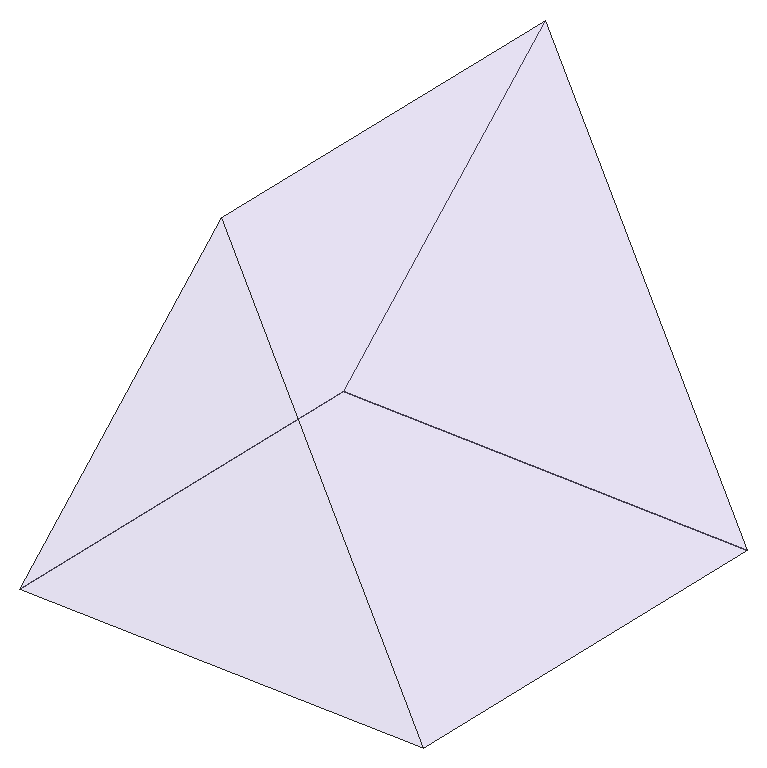
Revit family
Parameters (values of type "Isosceles")
  Width [instance] = 30' - 0"
  Mass Material [instance] = Default Mass
  Height [instance] = 30' - 0"
  Depth [instance] = 30' - 0"
  Default Elevation = 4' - 0"
Reference planes (in)
  plane 1 "Center (Front/Back)": y = 0.51003
  plane 2: z = 0
  plane 3 "Center (Left/Right)": x = -1.19137
  plane 4: y = 180.51003
  plane 5: x = 178.80863
  plane 6: x = -181.19137
  plane 7: y = -179.48997
  plane 8: z = 360
Forms (in)
  Extrusion 1, solid, material "Default Mass" <- "Mass Material"
    sketch origin (0, 0.51003, 0) x (1, 0, 0) y (0, 0, 1)
      loop
        line (-181.19137, 0) -> (178.80863, 0) -> (-1.19137, 360) -> (-181.19137, 0)
    from -180 to 180
Dimensions and locks (in)
  equal spacing: plane 6, plane 3 "Center (Left/Right)", plane 5
  "Width": plane 6 to plane 5
  equal spacing: plane 4, plane 1 "Center (Front/Back)", plane 7
  "Depth": plane 4 to plane 7
  "Height": plane 8 to plane 2
  locked: plane 2 to level
  aligned and locked: plane 6 to Extrusion 1 sketch curve
  aligned and locked: Extrusion 1 to plane 7
  aligned and locked: Extrusion 1 to plane 4
  aligned and locked: Extrusion 1 sketch curve to plane 2
  aligned and locked: plane 5 to Extrusion 1 sketch curve
  aligned and locked: plane 3 "Center (Left/Right)" to Extrusion 1 sketch curve
Automatic sketch dimensions
  Extrusion 1 sketch curve to plane 8 = 0' - 0"
